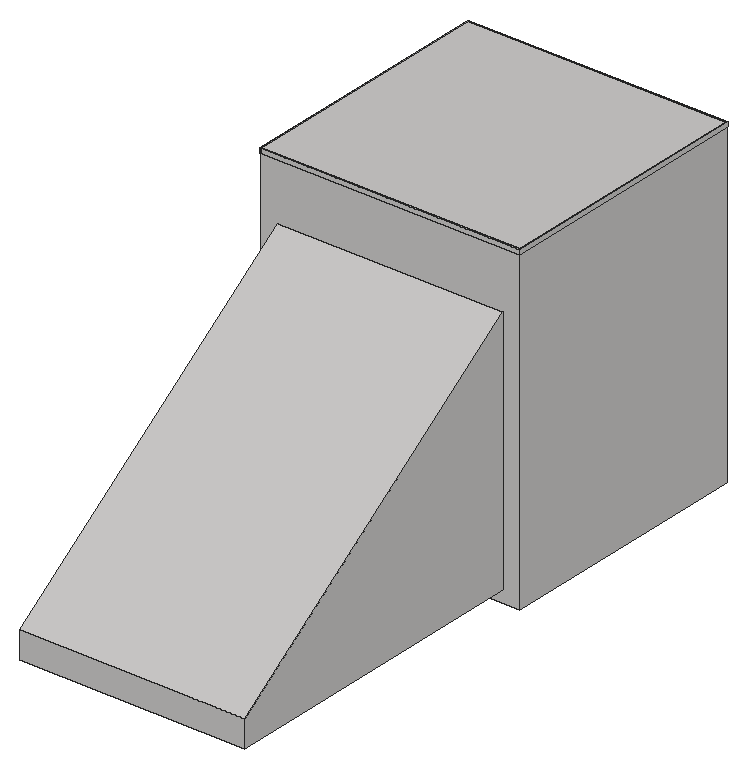
Revit family "Filtered_Supply_Centrifugal-Carnes-VNBL-Low_Profile_Intake", category Mechanical Equipment, Revit 2012
Parameters (values of type "20 @ 90°")
  ecoScorecard_data = ""
  ecoScorecard Product Page = "http://ecoscorecard.com/"
  Wattage = 0 W
  Warranty = ""
  Voltage = 0 V
  Volt Code = ""
  Unit = Metal - Carnes - Steel
  URL = "http://www.carnes.com/index.html"
  Subcategory = "Filtered Supply Centrifugal"  # constant formula
  Spec Sheet URL = "http://www.carnes.com/Ventilation/pdf/22310.pdf"
  Product Page URL = "http://www.carnes.com/Ventilation/VNBL.htm"
  Power Factor = 0
  Phase = 1
  Parts List URL = ""
  Number of Poles = 1
  Motor Type = ""
  Modeling Numbering System = ""
  Model = "VNBL"  # constant formula
  Material = ""
  Manufacturer Toll Free Phone = ""
  Manufacturer Phone = "608-845-6411"  # constant formula
  Manufacturer Fax = "608-845-6470"  # constant formula
  Manufacturer Email = "mailto:carnes@carnes.com"
  Manufacturer Address = "448 S. Main St., P. O. Box 930040, Verona, WI 53593-0040"  # constant formula
  Manufacturer = "CARNES COMPANY"  # constant formula
  J = 39 3/4"
  IOM Instructions URL = "http://www.carnes.com/Ventilation/pdf/1312.pdf"
  I = 25"
  H = 23"
  G = 14 1/2"
  Frequency = 0 Hz
  F = 11 1/2"
  E = 1 7/8"  # constant formula
  Description = "Filtered Supply Centrifugal"  # constant formula
  Default Elevation = 48"
  D = 44 1/8"
  Cost Info = "mailto:carnes@carnes.com"
  Catalog URL = "http://www.carnes.com/Ventilation/pdf/C166-178.pdf"
  C = 40 1/8"
  B sq. = 45 3/4"
  B = 2"  # constant formula
  Assembly Code = "D3040200"
  Apparent Load = 0 VA
  Amperage = 0 A
  A = 57 1/8"
  95 CSI = "15850"  # constant formula
  04 CSI = "23 37 13"  # constant formula
Types (6): name | J | I | H | G | F | D | C | B sq. | A
  (no name) | 39 3/4" | 25" | 23" | 14 1/2" | 11 1/2" | 44 1/8" | 40 1/8" | 45 3/4" | 57 1/8"
  10 @ 90° | 23 3/4" | 11 5/8" | 13 7/8" | 9 1/4" | 8 7/8" | 21 1/8" | 21 3/4" | 29 3/4" | 28 5/8"
  12 @ 90° | 27 3/4" | 13 5/8" | 15 3/4" | 10 1/8" | 9 1/8" | 28 1/8" | 29" | 33 3/4" | 38 7/8"
  15 @ 90° | 27 3/4" | 16 1/8" | 18 7/8" | 9 7/8" | 7 5/8" | 28 1/8" | 29" | 33 3/4" | 38 7/8"
  18 @ 90° | 33 3/4" | 19 1/8" | 22 1/8" | 13 1/4" | 9" | 32 1/8" | 32 1/8" | 39 3/4" | 42 3/4"
  20 @ 90° | 39 3/4" | 25" | 23" | 14 1/2" | 11 1/2" | 44 1/8" | 40 1/8" | 45 3/4" | 57 1/8"
Reference planes (in)
  plane 1 "Center (Front/Back)": y = 0
  plane 2: z = 0
  plane 3 "Center (Left/Right)": x = 0
  plane 4: y = 45.75
  plane 5: y = -57.125
  plane 6: z = 2
Dimensions and locks (in)
  "B": nested 1 to level
  "B": plane 6 to level
  "A": plane 1 "Center (Front/Back)" to plane 5
  "B sq.": plane 4 to plane 1 "Center (Front/Back)"
  aligned and locked: level to plane 2
  aligned and locked: nested 2 to plane 1 "Center (Front/Back)"
  aligned and locked: nested 2 to plane 3 "Center (Left/Right)"
  aligned and locked: plane 1 "Center (Front/Back)" to nested 1
  aligned and locked: nested 1 to plane 3 "Center (Left/Right)"
  aligned and locked: level to nested 2
Nested families (in)
  nested 1: "Filter" at (0, -28.5625, 2) x (0, -1, 0) z (0, 0, 1), type "Filter"
    with j 39 3/4", D 44 1/8", C 57 1/8"
  nested 2: "FILTERED SUPPLY CENTRIFUGAL - BELT DRIVE" at (0, 22.875, 0) x (0, -1, 0) z (0, 0, 1), type "CENTRIFUGAL - BELT DRIVE"
Definition of nested family "Filter"
  Parameters (values of type "Filter")
    j = 23 3/4"
    Offset = 1.00075"
    Material = Metal - Carnes - Steel
    Filter = Metal - Carnes - Steel- Filter
    E = 1 7/8"
    D = 21 1/8"
    C = 28 5/8"
  Reference planes (in)
    plane 1 "Center (Front/Back)": y = 0
    plane 2: z = 0
    plane 3 "Center (Left/Right)": x = 0
    plane 4: x = -14.3125
    plane 5: x = 14.3125
    plane 6: y = 11.875
    plane 7: y = -11.875
    plane 8: z = 23
    plane 9: z = 2
    plane 10: z = 4.75
    plane 11: x = 13.3125
    plane 12: y = -10.87425
    plane 13: y = 10.87425
    plane 14: x = -14.1875
    plane 15: z = 21.125
    plane 16: z = 4.75
    plane 17: x = 13.8125
    plane 18: x = -13.8125
    plane 19: z = 0
    plane 20: z = 1
  Forms (in)
    Sweep 1, solid, material "Metal - Carnes - Steel" <- "Material", detail levels fine
      path origin (0, 0, 0) x (1, 0, 0) y (0, 1, 0)
        loop
          line (0, 11.875) -> (0, -11.875)
      profile origin (0, 0, 0) x (1, 0, 0) y (0, 0, 1)
        loop
          line (14.3125, 4.75) -> (-14.3125, 21.125) -> (-14.3125, 0) -> (14.3125, 0) -> (14.3125, 4.75)
    Extrusion 2, solid, material "Metal - Carnes - Steel- Filter" <- "Filter", detail levels fine
      sketch origin (0, 0, -11) x (1, 0, 0) y (0, 0, 1)
        loop
          line (13.8125, 12) -> (0.5, 12) -> (0.5, 11) -> (13.8125, 11) -> (13.8125, 12)
        loop
          line (-13.8125, 11) -> (-0.5, 11) -> (-0.5, 12) -> (-13.8125, 12) -> (-13.8125, 11)
      from -10.87425 to 10.87425
    Sweep 3, solid, material "Metal - Carnes - Steel" <- "Material", detail levels medium
      path origin (0, 40, 0) x (1, 0, 0) y (0, 1, 0)
        loop
          line (0, -28.125) -> (0, -51.875)
      profile origin (0, 0, 0) x (1, 0, 0) y (0, 0, 1)
        loop
          line (14.3125, 0) -> (14.3125, 4.75) -> (-14.3125, 21.125) -> (-14.3125, 0) -> (14.3125, 0)
    Extrusion 4, void
      sketch origin (0, 0, 0) x (1, 0, 0) y (0, 0, 1)
        loop
          line (-13.8125, 1) -> (-13.8125, 0) -> (-0.5, 0) -> (-0.5, 1) -> (-13.8125, 1)
        loop
          line (13.8125, 0) -> (13.8125, 1) -> (0.5, 1) -> (0.5, 0) -> (13.8125, 0)
      from -10.87425 to 10.87425
    Sweep 5, solid, material "Metal - Carnes - Steel" <- "Material", detail levels coarse
      path origin (0, 0, 0) x (1, 0, 0) y (0, 0, 1)
        loop
          line (0, 23) -> (0, 0)
      profile origin (0, 0, 11.5) x (0, -1, 0) y (1, 0, 0)
        loop
          line (-11.875, -14.3125) -> (11.875, -14.3125) -> (11.875, 14.3125) -> (-11.875, 14.3125) -> (-11.875, -14.3125)
  Cuts and joins
    Extrusion 4 cuts Sweep 1
  Lines and regions (in)
    symbolic lines
      curve 1: line (-14.3125, -11.875, 0) -> (14.3125, -11.875, 0)
      curve 2: line (-14.3125, 11.875, 0) -> (14.3125, 11.875, 0)
      curve 3: line (14.3125, 11.875, 0) -> (14.3125, -11.875, 0)
      curve 4: line (0, 11.875, 0) -> (0, 11.875, 21.125)
      curve 5: line (0, -11.875, 0) -> (0, 11.875, 0)
      curve 9: line (14.3125, 0, 0) -> (-14.3125, 0, 0)
      curve 11: line (-14.3125, 0, 2) -> (-14.3125, 0, 21.125)
      curve 15: line (14.3125, 0, 4.75) -> (14.3125, 0, 0)
      curve 18: line (0, -11.875, 21.125) -> (0, -11.875, 0)
      curve 20: line (-14.3125, 11.875, 0) -> (-14.3125, -11.875, 0)
    symbolic lines, detail levels coarse
      curve 6: line (0, -11.875, 23) -> (0, -11.875, 21.125)
      curve 7: line (-14.3125, 0, 23) -> (14.3125, 0, 23)
      curve 8: line (-14.3125, 0, 0) -> (-14.3125, 0, 2)
      curve 10: line (14.3125, 0, 23) -> (14.3125, 0, 4.75)
      curve 14: line (-14.3125, 0, 21.125) -> (-14.3125, 0, 23)
      curve 17: line (0, 11.875, 21.125) -> (0, 11.875, 23)
      curve 19: line (0, -11.875, 23) -> (0, 11.875, 23)
    symbolic lines, detail levels medium+fine
      curve 12: line (0, 11.875, 21.125) -> (0, -11.875, 21.125)
      curve 13: line (0, 11.875, 4.75) -> (0, -11.875, 4.75)
      curve 16: line (14.3125, 0, 4.75) -> (-14.3125, 0, 21.125)
  Dimensions and locks (in)
    equal spacing: plane 4, plane 3 "Center (Left/Right)", plane 5
    equal spacing: plane 6, plane 1 "Center (Front/Back)", plane 7
    "j": plane 6 to plane 7
    "C": plane 4 to plane 5
    locked: plane 11 to plane 5 at 1
    "Offset": plane 7 to plane 12
    "Offset": plane 13 to plane 6
    locked: plane 4 to plane 14 at 0.125
    "E": plane 8 to plane 15
    "D": plane 15 to level
    locked: plane 16 to level at 4.75
    locked: plane 10 to level at 4.75
    locked: plane 17 to plane 5 at 0.5
    locked: plane 18 to plane 4 at 0.5
    locked: plane 3 "Center (Left/Right)" to Extrusion 4 sketch curve at 0.5
    locked: Extrusion 4 sketch curve to plane 3 "Center (Left/Right)" at 0.5
    locked: plane 20 to level at 1
    aligned and locked: plane 2 to level
    aligned and locked: Sweep 1 sketch curve to plane 3 "Center (Left/Right)"
    aligned and locked: plane 6 to Sweep 1 sketch curve
    aligned and locked: plane 7 to Sweep 1 sketch curve
    aligned and locked: Extrusion 2 to plane 12
    aligned and locked: Extrusion 2 to plane 13
    aligned and locked: plane 6 to Sweep 3 sketch curve
    aligned and locked: plane 7 to Sweep 3 sketch curve
    aligned and locked: plane 7 to curve 1
    aligned and locked: curve 2 to plane 6
    aligned and locked: plane 5 to curve 3
    aligned and locked: curve 5 to level
    aligned and locked: curve 4 to plane 6
    aligned and locked: plane 4 to curve 8
    aligned and locked: curve 7 to plane 8
    aligned and locked: level to curve 9
    aligned and locked: plane 9 to curve 8
    aligned and locked: level to Sweep 3 sketch curve
    aligned and locked: plane 16 to Sweep 3 sketch curve
    aligned and locked: plane 5 to Sweep 3 sketch curve
    aligned and locked: Sweep 1 sketch curve to level
    aligned and locked: plane 4 to Sweep 3 sketch curve
    aligned and locked: plane 15 to Sweep 3 sketch curve
    aligned and locked: plane 5 to Sweep 1 sketch curve
    aligned and locked: Sweep 1 sketch curve to plane 4
    aligned and locked: Sweep 1 sketch curve to Sweep 3
    aligned and locked: plane 15 to curve 12
    aligned and locked: curve 15 to cut or joined group of Sweep 1, Extrusion 4
    aligned and locked: Sweep 5 sketch curve to plane 3 "Center (Left/Right)"
    aligned and locked: level to Sweep 5 sketch curve
    aligned and locked: plane 8 to Sweep 5 sketch curve
    aligned and locked: Sweep 5 sketch curve to plane 4
    aligned and locked: Sweep 5 sketch curve to plane 5
    aligned and locked: Sweep 5 sketch curve to plane 7
    aligned and locked: Sweep 5 sketch curve to plane 6
    aligned and locked: plane 7 to Sweep 5
    aligned and locked: Sweep 5 to plane 5
    aligned and locked: plane 6 to Sweep 5
    aligned and locked: Sweep 5 to plane 4
    aligned and locked: cut or joined group of Sweep 1, Extrusion 4 to plane 12
    aligned and locked: cut or joined group of Sweep 1, Extrusion 4 to plane 13
    aligned and locked: curve 19 to Sweep 5
    aligned and locked: Extrusion 2 sketch curve to plane 18
    aligned and locked: Extrusion 2 sketch curve to plane 17
    aligned and locked: level to Extrusion 4 sketch curve  (x2)
    aligned and locked: plane 20 to cut or joined group of Sweep 1, Extrusion 4  (x2)
    aligned and locked: level to plane 19
    aligned and locked: Extrusion 2 sketch curve to plane 20  (x2)
    aligned and locked: Extrusion 2 sketch curve to cut or joined group of Sweep 1, Extrusion 4  (x2)
    aligned and locked: Extrusion 2 sketch curve to plane 19
    aligned and locked: level to Extrusion 2 sketch curve
    aligned and locked: curve 20 to plane 4
  Automatic sketch dimensions
    Sweep 3 sketch curve to plane 3 "Center (Left/Right)" = 0"
    curve 16 to plane 15 = 0"
    curve 10 to plane 9 = 2 3/4"
    curve 12 to plane 7 = 0"
    curve 13 to plane 9 = 2 3/4"
    Extrusion 4 sketch curve to plane 18 = 0"
    plane 17 to Extrusion 4 sketch curve = 0"
    plane 9 to Extrusion 4 sketch curve = 1"  (x2)
Definition of nested family "FILTERED SUPPLY CENTRIFUGAL - BELT DRIVE"
  Parameters (values of type "CENTRIFUGAL - BELT DRIVE")
    Material = Metal - Carnes - Steel
    A = 57 1/8"
    B = 45 3/4"
  Reference planes (in)
    plane 1 "Center (Front/Back)": y = 0
    plane 2: z = 0
    plane 3 "Center (Left/Right)": x = 0
    plane 4: x = -22.875
    plane 5: x = 22.875
    plane 6: y = 22.875
    plane 7: y = -22.875
    plane 8: z = 57.125
  Forms (in)
    Sweep 1, solid, material "Metal - Carnes - Steel" <- "Material"
      path origin (0, 0, 0) x (1, 0, 0) y (0, 0, 1)
        loop
          line (0, 57.125) -> (0, 0)
      profile origin (0, 0, 28.5625) x (0, -1, 0) y (1, 0, 0)
        loop
          line (-22.875, -22.875) -> (22.875, -22.875) -> (22.875, 22.875) -> (-22.875, 22.875) -> (-22.875, -22.875)
    Sweep 2, solid, material "Metal - Carnes - Steel" <- "Material", detail levels medium+fine
      path origin (0, 0, 0) x (1, 0, 0) y (0, 1, 0)
        loop
          line (-22.875, 22.875) -> (-22.875, -22.875) -> (22.875, -22.875) -> (22.875, 22.875) -> (-22.875, 22.875)
      profile origin (-22.875, 0, 0) x (1, 0, 0) y (0, 0, 1)
        loop
          line (0, 57.125) -> (-0.125, 57.125) -> (-0.125, 56.375) -> (0, 56.375) -> (0, 57.125)
  Lines and regions (in)
    symbolic lines
      curve 1: line (-22.875, 22.875, 0) -> (22.875, 22.875, 0)
      curve 2: line (-22.875, 22.875, 0) -> (-22.875, -22.875, 0)
      curve 3: line (-22.875, -22.875, 0) -> (22.875, -22.875, 0)
      curve 4: line (22.875, 22.875, 0) -> (22.875, -22.875, 0)
      curve 5: line (-22.875, 0, 57.125) -> (22.875, 0, 57.125)
      curve 6: line (-22.875, 0, 0) -> (-22.875, 0, 56.375)
      curve 7: line (22.875, 0, 0) -> (-22.875, 0, 0)
      curve 10: line (22.875, 0, 56.375) -> (22.875, 0, 0)
      curve 16: line (0, 22.875, 0) -> (0, 22.875, 56.375)
      curve 17: line (0, 22.875, 57.125) -> (0, -22.875, 57.125)
      curve 18: line (0, 22.875, 0) -> (0, -22.875, 0)
      curve 19: line (0, -22.875, 0) -> (0, -22.875, 56.375)
    symbolic lines, detail levels coarse
      curve 8: line (22.875, 0, 57.125) -> (22.875, 0, 56.375)
      curve 9: line (-22.875, 0, 56.375) -> (-22.875, 0, 57.125)
      curve 20: line (0, -22.875, 56.375) -> (0, -22.875, 57.125)
      curve 21: line (0, 22.875, 56.375) -> (0, 22.875, 57.125)
    symbolic lines, detail levels medium+fine
      curve 11: line (-23, 0, 57.125) -> (-23, 0, 56.375)
      curve 12: line (-23, 0, 56.375) -> (23, 0, 56.375)
      curve 13: line (-23, 0, 57.125) -> (-22.875, 0, 57.125)
      curve 14: line (23, 0, 57.125) -> (23, 0, 56.375)
      curve 15: line (23, 0, 57.125) -> (22.875, 0, 57.125)
      curve 22: line (0, 23, 56.375) -> (0, 23, 57.125)
      curve 23: line (0, -23, 56.375) -> (0, 23, 56.375)
      curve 24: line (0, 23, 57.125) -> (0, 22.875, 57.125)
      curve 25: line (0, -23, 56.375) -> (0, -23, 57.125)
      curve 26: line (0, -23, 57.125) -> (0, -22.875, 57.125)
      curve 27: line (-23, 23, 0) -> (-23, -23, 0)
      curve 28: line (23, 23, 0) -> (-23, 23, 0)
      curve 29: line (23, -23, 0) -> (23, 23, 0)
      curve 30: line (-23, -23, 0) -> (23, -23, 0)
  Dimensions and locks (in)
    equal spacing: plane 4, plane 3 "Center (Left/Right)", plane 5
    equal spacing: plane 6, plane 1 "Center (Front/Back)", plane 7
    "A": plane 8 to level
    "B": plane 6 to plane 7
    "B": plane 4 to plane 5
    locked: Sweep 2 sketch curve to plane 8 at 0.75
    aligned and locked: plane 2 to level
    aligned and locked: Sweep 1 sketch curve to plane 3 "Center (Left/Right)"
    aligned and locked: plane 8 to Sweep 1 sketch curve
    aligned and locked: level to Sweep 1 sketch curve
    aligned and locked: Sweep 1 sketch curve to plane 6
    aligned and locked: Sweep 1 sketch curve to plane 4
    aligned and locked: plane 7 to Sweep 1 sketch curve
    aligned and locked: Sweep 1 sketch curve to plane 5
    aligned and locked: Sweep 2 sketch curve to plane 4  (x2)
    aligned and locked: Sweep 2 sketch curve to plane 7
    aligned and locked: Sweep 2 sketch curve to plane 6
    aligned and locked: Sweep 2 sketch curve to plane 5
    aligned and locked: Sweep 2 sketch curve to plane 8
    aligned and locked: curve 1 to plane 6
    aligned and locked: curve 2 to plane 4
    aligned and locked: curve 3 to plane 7
    aligned and locked: curve 4 to plane 5
    aligned and locked: level to curve 7
    aligned and locked: plane 4 to curve 6
    aligned and locked: plane 5 to curve 8
    aligned and locked: curve 11 to Sweep 2
    aligned and locked: curve 12 to Sweep 2
    aligned and locked: curve 13 to plane 8
    aligned and locked: plane 4 to curve 13
    aligned and locked: plane 8 to Sweep 2
    aligned and locked: curve 14 to Sweep 2
    aligned and locked: plane 6 to curve 16
    aligned and locked: plane 8 to curve 17
    aligned and locked: level to curve 18
    aligned and locked: curve 19 to plane 7
    aligned and locked: curve 22 to Sweep 2
    aligned and locked: curve 23 to Sweep 2
    aligned and locked: curve 24 to plane 8
    aligned and locked: plane 6 to curve 24
    aligned and locked: curve 24 to Sweep 2
    aligned and locked: plane 7 to curve 26
    aligned and locked: plane 8 to curve 26
    aligned and locked: curve 27 to Sweep 2
    aligned and locked: curve 28 to Sweep 2
    aligned and locked: curve 29 to Sweep 2
    aligned and locked: curve 30 to Sweep 2
  Automatic sketch dimensions
    profile plane to Sweep 2 sketch curve = 1/8"
    plane 7 to curve 25 = 1/8"
    curve 16 to curve 22 = 0"
    curve 25 to curve 19 = 0"
    curve 6 to curve 11 = 0"
    curve 8 to curve 12 = 0"
